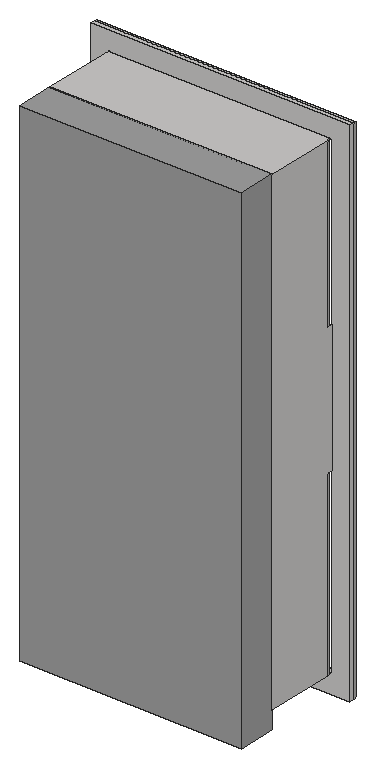
Revit family
Parameters (values of type "Standard")
  Subcategory = "Towel Dispenser"
  SmartBIM Object Version = 3  # constant formula
  SmartBIM Object Created By = "Reed Construction Data"  # constant formula
  Material = Steel-Satin Finish
  Manufacturer = ""
  Assembly Code = "E1090320"
  95 CSI = "10810"
  04 CSI = "10 28 13"
Reference planes (in)
  plane 1: y = 0
  plane 2 "Center (Left/Right)": x = -7
  plane 3 "Wall Edge": y = 3.75
  plane 4: y = -0.25
  plane 5: x = -1
  plane 6: x = -13
  plane 7: z = 27
  plane 8: z = 1
Forms (in)
  Extrusion 1, solid, material "Wall material 1"
    sketch origin (0, 3.75, 0) x (1, 0, 0) y (0, 0, 1)
      loop
        line (-13.03125, 0) -> (-1, 0) -> (-1, 27) -> (-13.03125, 27) -> (-13.03125, 0)
    from 4 to 6
Lines and regions (in)
  Opening 1
    outline origin (-60, -2.25, 0) x (1, 0, 0) y (0, 0, 1)
      loop
        line (59, 1) -> (59, 27) -> (47, 27) -> (47, 1) -> (59, 1)
Text (in)
  text "Placement Side" at (0, 9.4025776, 43.1261882), in view "Right"
  text "Placement Side" at (-52.1292504, 14.9426019, 0), in view "Ref. Level"
  text "Placement Side" at (0, 84.3391764, 62.3978186), in view "Left"
Dimensions and locks (in)
  locked: plane 3 "Wall Edge" to host wall
  locked: plane 4 to plane 3 "Wall Edge" at 4
  plane 6 to plane 5 = 12"
  equal spacing: plane 6, plane 2 "Center (Left/Right)", plane 5
  host wall to host wall = 57"
  aligned and locked: plane 5 to Opening 1 sketch curve
  aligned and locked: plane 8 to Opening 1 sketch curve
  aligned and locked: plane 7 to Opening 1 sketch curve
  aligned and locked: plane 6 to Opening 1 sketch curve
  aligned and locked: nested 1 to plane 3 "Wall Edge"
  aligned and locked: plane 4 to nested 1
  aligned and locked: nested 1 to Extrusion 1 sketch curve
  aligned and locked: Extrusion 1 sketch curve to level
  aligned and locked: host wall to Extrusion 1 sketch curve
  aligned and locked: Extrusion 1 sketch curve to host wall
  aligned and locked: host wall to Extrusion 1
  aligned and locked: Extrusion 1 to nested 1
Nested families (in)
  nested 1: "Dispenser_Receptacle Combination Unit" at (-10.6471268, 3.75, 0) x (-1, 0, 0) z (0, 0, 1), type "B-369"
Definition of nested family "Dispenser_Receptacle Combination Unit"
  Parameters (values of type "B-369")
    Material = Steel-Satin Finish
    Assembly Code = ""
  Reference planes (in)
    plane 1 "Center (Front/Back)": y = 0
    plane 2: z = 0
    plane 3 "Center (Left/Right)": x = -3.6471268
    plane 4: y = 4
    plane 5: x = -9.6783768
    plane 6: x = 2.3841232
    plane 7: z = 23
    plane 8: z = 0
    plane 9: z = 28
    plane 10: z = 1
    plane 11: z = 27
    plane 12: z = 10.875
    plane 13: z = 17.9375
    plane 14: z = 16.5
  Forms (in)
    Extrusion 1, solid, material "Steel-Satin Finish" <- "Material"
      sketch origin (-15.4264939, -180, 0) x (-1, 0, 0) y (0, -1, 0)
        loop
          line (-5.7481171, -184) -> (-5.7481171, -180.25)
          arc (-5.7481171, -180.25) -> (-5.8213404, -180.0732233) -> (-5.9981171, -180) r 0.25
          line (-5.9981171, -180) -> (-17.5606171, -180)
          arc (-17.5606171, -180) -> (-17.7373938, -180.0732233) -> (-17.8106171, -180.25) r 0.25
          line (-17.8106171, -180.25) -> (-17.8106171, -184) -> (-5.7481171, -184)
        loop
          arc (-5.8731171, -180.375) -> (-5.9463404, -180.1982233) -> (-6.1231171, -180.125) r 0.25
          line (-6.1231171, -180.125) -> (-17.4356171, -180.125)
          arc (-17.4356171, -180.125) -> (-17.6123938, -180.1982233) -> (-17.6856171, -180.375) r 0.25
          line (-17.6856171, -180.375) -> (-17.6856171, -183.25) -> (-5.8731171, -183.25) -> (-5.8731171, -180.375)
      from 1 to 10.875
    Extrusion 2, solid, material "Steel-Satin Finish" <- "Material"
      sketch origin (-36.2312876, -180, 27) x (-1, 0, 0) y (0, -1, 0)
        loop
          line (-26.5529108, -184) -> (-26.5529108, -180.25)
          arc (-26.5529108, -180.25) -> (-26.6261341, -180.0732233) -> (-26.8029108, -180) r 0.25
          line (-26.8029108, -180) -> (-38.3654108, -180)
          arc (-38.3654108, -180) -> (-38.5421875, -180.0732233) -> (-38.6154108, -180.25) r 0.25
          line (-38.6154108, -180.25) -> (-38.6154108, -184) -> (-26.5529108, -184)
      from 0 to -9.0625
    Sweep 3, solid, material "Steel-Satin Finish" <- "Material"
      path origin (0, 0, 0) x (1, 0, 0) y (0, 0, -1)
        loop
          line (-10.6783768, -28) -> (3.3841232, -28) -> (3.3841232, 0) -> (-10.6783768, 0) -> (-10.6783768, -28)
      profile origin (-3.6471268, 0, 28) x (0, 0, -1) y (0, 1, 0)
        loop
          line (0, 0) -> (0, -0.2905445)
          arc (0, -0.2905445) -> (0.0732233, -0.4673212) -> (0.25, -0.5405445) r 0.25
          line (0.25, -0.5405445) -> (0.75, -0.5405445)
          arc (0.75, -0.5405445) -> (0.9267767, -0.4673212) -> (1, -0.2905445) r 0.25
          line (1, -0.2905445) -> (1, 0) -> (0, 0)
    Extrusion 4, solid, material "Steel-Satin Finish" <- "Material"
      sketch origin (-24.0636433, -180, 1) x (-1, 0, 0) y (0, -1, 0)
        loop
          line (-14.7602665, -180.125) -> (-26.0727665, -180.125)
          arc (-26.0727665, -180.125) -> (-26.2495431, -180.1982233) -> (-26.3227665, -180.375) r 0.25
          line (-26.3227665, -180.375) -> (-26.3227665, -183.25) -> (-14.5102665, -183.25) -> (-14.5102665, -180.375)
          arc (-14.5102665, -180.375) -> (-14.5834898, -180.1982233) -> (-14.7602665, -180.125) r 0.25
      from 0 to 0.125
    Extrusion 5, solid, material "Steel-Satin Finish" <- "Material"
      sketch origin (-9.6783768, 13.0445712, 48) x (0, 1, 0) y (0, 0, 1)
        loop
          line (-9.0445712, -31.5) -> (-9.0445712, -30.0625) -> (-13.0445712, -30.0625)
          arc (-13.0445712, -30.0625) -> (-11.1925177, -31.1929271) -> (-9.0445712, -31.5) r 5.381098
      from 0.125 to 11.9375
    Extrusion 6, solid, material "Steel-Satin Finish" <- "Material"
      sketch origin (-15.4264939, -180, 8.875) x (-1, 0, 0) y (0, -1, 0)
        loop
          line (-5.7481171, -184) -> (-5.7481171, -180) -> (-5.8731171, -180) -> (-5.8731171, -183.25) -> (-17.6856171, -183.25) -> (-17.6856171, -180) -> (-17.8106171, -180) -> (-17.8106171, -184) -> (-5.7481171, -184)
      from 2 to 9.0625
    Extrusion 7, solid, material "Steel-Satin Finish" <- "Material"
      sketch origin (-0.1875, -0.0657491, 11.6254838) x (-1, 0, 0) y (0, 0, -1)
        loop
          circle (8.3346268, -11.3619057) r 0.25
        loop
          circle (8.3346268, -11.3619057) r 0.1844184
      from 0 to 0.125
  Cuts and joins
    joined: Extrusion 1, Extrusion 2, Sweep 3, Extrusion 4, Extrusion 5, Extrusion 6
  Dimensions and locks (in)
    equal spacing: plane 5, plane 3 "Center (Left/Right)", plane 6
    locked: plane 5 to plane 6 at 12.0625
    locked: plane 4 to plane 1 "Center (Front/Back)" at 4
    plane 10 to plane 8 = 1"
    locked: plane 9 to plane 11 at 1
    plane 7 to plane 8 = 23"
    plane 9 to plane 11 = 1"
    plane 9 to plane 8 = 28"
    plane 11 to plane 10 = 26"
    plane 14 to level = 16 1/2"
    aligned and locked: level to plane 8
    aligned and locked: plane 2 to plane 8
    aligned and locked: plane 5 to Extrusion 1 sketch curve
    aligned and locked: Extrusion 1 sketch curve to plane 4
    aligned and locked: Extrusion 1 sketch curve to plane 6
    aligned and locked: Extrusion 1 to plane 10
    aligned and locked: Extrusion 2 sketch curve to Extrusion 1  (x2)
    aligned and locked: Extrusion 2 sketch curve to plane 6
    aligned and locked: plane 11 to Extrusion 2
    aligned and locked: profile plane to Sweep 3 sketch curve
    aligned and locked: Extrusion 4 sketch curve to cut or joined group of Extrusion 1, Extrusion 2, Sweep 3, Extrusion 4, Extrusion 5, Extrusion 6  (x3)
    aligned and locked: cut or joined group of Extrusion 1, Extrusion 2, Sweep 3, Extrusion 4, Extrusion 5, Extrusion 6 to Extrusion 4 sketch curve
    aligned and locked: Extrusion 4 to plane 10
    aligned and locked: plane 12 to cut or joined group of Extrusion 1, Extrusion 2, Sweep 3, Extrusion 4, Extrusion 5, Extrusion 6
    aligned and locked: cut or joined group of Extrusion 1, Extrusion 2, Sweep 3, Extrusion 4, Extrusion 5, Extrusion 6 to plane 13
    aligned and locked: plane 13 to Extrusion 6
    aligned and locked: Extrusion 6 to plane 12
    aligned and locked: Extrusion 5 to Extrusion 6  (x2)
  Automatic sketch dimensions
    Extrusion 1 sketch curve to plane 6 = 0"
    Extrusion 1 sketch curve to plane 1 "Center (Front/Back)" = 0"
    Extrusion 1 sketch curve to plane 6 = 1/8"
    Extrusion 1 sketch curve to plane 6 = 1/4"
    Extrusion 1 sketch curve to Extrusion 1 sketch curve = 1/8"  (x2)
    Extrusion 1 sketch curve to plane 1 "Center (Front/Back)" = 1/8"
    plane 5 to Extrusion 1 sketch curve = 3/8"
    plane 5 to Extrusion 1 sketch curve = 1/8"
    Extrusion 1 sketch curve to plane 4 = 3/4"
    Extrusion 2 sketch curve to plane 1 "Center (Front/Back)" = 0"
    Extrusion 2 sketch curve to plane 6 = 1/4"
    plane 5 to Extrusion 2 sketch curve = 1/4"
    Sweep 3 sketch curve to level = 0"
    Sweep 3 sketch curve to plane 9 = 0"
    Sweep 3 sketch curve to plane 5 = 1"
    plane 6 to Sweep 3 sketch curve = 1"
    Sweep 3 sketch curve to profile plane = 0"
    Sweep 3 sketch curve to profile plane = 1/4"
    Sweep 3 sketch curve to Sweep 3 sketch curve = 1/2"
    Sweep 3 sketch curve to Sweep 3 sketch curve = 1/4"
    Sweep 3 sketch curve to Sweep 3 sketch curve = 0.29054"
    Extrusion 5 sketch curve to plane 1 "Center (Front/Back)" = 0"
    Extrusion 5 sketch curve to plane 4 = 0"
    Extrusion 5 sketch curve to plane 14 = 0"
    Extrusion 5 sketch curve to plane 13 = 0"
    Extrusion 5 sketch curve to plane 4 = 0.32807"
    Extrusion 6 sketch curve to plane 4 = 0"
    Extrusion 6 sketch curve to plane 6 = 0"
    Extrusion 6 sketch curve to plane 1 "Center (Front/Back)" = 0"  (x2)
    Extrusion 6 sketch curve to plane 5 = 0"
    Extrusion 6 sketch curve to plane 6 = 1/8"
    Extrusion 6 sketch curve to Extrusion 6 sketch curve = 1/8"
    Extrusion 6 sketch curve to plane 4 = 3/4"
    Extrusion 7 sketch curve to Extrusion 7 sketch curve = 0"  (x2)
    Extrusion 7 sketch curve to plane 7 = 0.01261"
    plane 5 to Extrusion 7 sketch curve = 1 5/32"
    radius of Extrusion 7 sketch curve = 1/4"
    radius of Extrusion 7 sketch curve = 0.18442"
